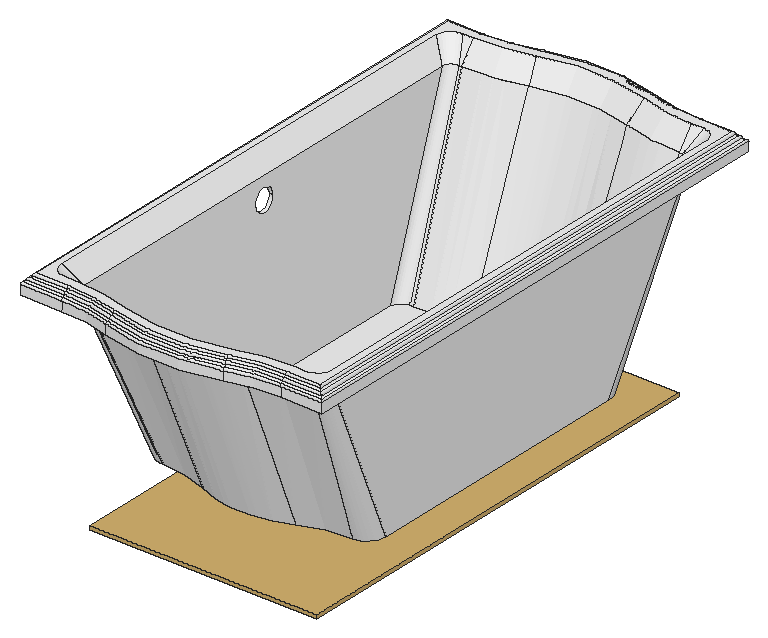
Revit family "bm-00147_abr781s", category Plumbing Fixtures, host Face, Revit 2016 (continued)
Definition of nested family "ABA781L"
  Automatic sketch dimensions
    curve 135 to plane 11 = 4"
    curve 135 to curve 151 = 0"
    curve 136 to curve 134 = 2.70866"
    curve 129 to plane 4 = 0.19769"
    curve 129 to plane 11 = 0.9566"
    curve 129 to curve 129 = 0.00817"
    curve 121 to curve 129 = 0"
    curve 130 to curve 129 = 0"
    curve 130 to curve 131 = 0.18151"
    curve 131 to curve 130 = 0.00817"  (x2)
    curve 131 to curve 130 = 0"
    curve 132 to curve 131 = 0"
    curve 133 to curve 134 = 0.19786"
    curve 133 to plane 11 = 0.18968"
    curve 132 to curve 133 = 0"
    curve 134 to curve 133 = 0"
    curve 127 to curve 124 = 0.59708"
    curve 128 to curve 127 = 0"
    plane 1 "Center (Front/Back)" to Blend 4 sketch curve = 0"  (x2)
    Blend 9 sketch curve to plane 3 "Center (Left/Right)" = 0"  (x4)
    plane 3 "Center (Left/Right)" to Blend 9 sketch curve = 4.77646"  (x2)
    Blend 9 sketch curve to Blend 9 sketch curve = 0"  (x4)
    Blend 9 sketch curve to Blend 9 sketch curve = 5.2752"  (x2)
    Blend 9 sketch curve to Blend 9 sketch curve = 0.39716"  (x4)
    Blend 9 sketch curve to Blend 9 sketch curve = 1.1811"  (x2)
    Blend 9 sketch curve to plane 15 = 2.71961"  (x2)
    Blend 9 sketch curve to plane 10 = 1.14564"
    Blend 9 sketch curve to plane 3 "Center (Left/Right)" = 10.05166"
    plane 15 to Blend 9 sketch curve = 2.5556"
    Blend 9 sketch curve to Blend 9 sketch curve = 11.26744"
    plane 1 "Center (Front/Back)" to Blend 9 sketch curve = 7.3887"
    Blend 9 sketch curve to Blend 9 sketch curve = 7.84731"
    plane 3 "Center (Left/Right)" to Blend 9 sketch curve = 5.21308"  (x2)
    Blend 9 sketch curve to plane 11 = 4.41732"  (x2)
    Blend 9 sketch curve to Blend 9 sketch curve = 0.3189"  (x4)
    Blend 9 sketch curve to Blend 9 sketch curve = 0.98425"  (x2)
    Blend 9 sketch curve to plane 15 = 2.28298"  (x2)
    plane 15 to Blend 9 sketch curve = 4.08661"  (x2)
    plane 10 to Blend 9 sketch curve = 16.24266"  (x2)
    Blend 9 sketch curve to plane 10 = 4.34835"
    Blend 9 sketch curve to plane 1 "Center (Front/Back)" = 8.83465"
    plane 1 "Center (Front/Back)" to Blend 9 sketch curve = 8.83465"
    Blend 9 sketch curve to plane 9 "Wall Closure" = 6.29528"
    Blend 9 sketch curve to Blend 9 sketch curve = 14.87402"
    Blend 9 sketch curve to Blend 9 sketch curve = 0.96268"
    curve 2 to curve 14 = 0"  (x2)
    curve 2 to curve 75 = 0"  (x2)
    curve 2 to curve 84 = 0"  (x2)
    curve 3 to curve 16 = 0"  (x2)
    curve 3 to curve 76 = 0"  (x2)
    curve 3 to curve 83 = 0"  (x2)
    curve 4 to curve 17 = 0"  (x2)
    curve 4 to curve 77 = 0"  (x2)
    curve 4 to curve 82 = 0"  (x2)
    curve 9 to curve 23 = 0"  (x2)
    curve 9 to curve 27 = 0"  (x2)
    curve 9 to curve 29 = 0"  (x2)
    curve 10 to curve 22 = 0"  (x2)
    curve 10 to curve 33 = 0"  (x2)
    curve 10 to curve 34 = 0"  (x2)
    curve 11 to curve 21 = 0"  (x2)
    curve 11 to curve 35 = 0"  (x2)
    curve 11 to curve 36 = 0"  (x2)
    curve 14 to curve 75 = 0"  (x2)
    curve 14 to curve 84 = 0"  (x2)
    curve 16 to curve 76 = 0"  (x2)
    curve 16 to curve 83 = 0"  (x2)
    curve 17 to curve 77 = 0"  (x2)
    curve 17 to curve 82 = 0"  (x2)
    curve 21 to curve 35 = 0"  (x2)
    curve 21 to curve 36 = 0"  (x2)
    curve 22 to curve 33 = 0"  (x2)
    curve 22 to curve 34 = 0"  (x2)
    curve 23 to curve 27 = 0"  (x2)
    curve 23 to curve 29 = 0"  (x2)
    curve 27 to curve 29 = 0"  (x2)
    curve 33 to curve 34 = 0"  (x2)
    curve 35 to curve 36 = 0"  (x2)
    curve 61 to curve 62 = 0"  (x2)
    curve 75 to curve 84 = 0"  (x2)
    curve 76 to curve 83 = 0"  (x2)
    curve 77 to curve 82 = 0"  (x2)
    curve 7 to plane 8 = 0"
    curve 6 to plane 11 = 0"
    curve 64 to plane 3 "Center (Left/Right)" = 0"
    curve 10 to plane 3 "Center (Left/Right)" = 0"
    curve 47 to plane 3 "Center (Left/Right)" = 0"
    plane 1 "Center (Front/Back)" to curve 113 = 0"
    plane 1 "Center (Front/Back)" to curve 114 = 0"
    plane 1 "Center (Front/Back)" to curve 62 = 0"
    plane 1 "Center (Front/Back)" to curve 58 = 0"
    curve 69 to plane 3 "Center (Left/Right)" = 0"
    curve 76 to plane 3 "Center (Left/Right)" = 0"
    curve 48 to plane 3 "Center (Left/Right)" = 0"
    curve 61 to plane 15 = 0"
    plane 1 "Center (Front/Back)" to curve 114 = 1.1886"
    curve 113 to curve 114 = 0"
    curve 58 to plane 15 = 0.55834"
    plane 1 "Center (Front/Back)" to curve 58 = 1.80826"
    curve 57 to curve 58 = 0"
    curve 57 to curve 57 = 0.721"
    curve 106 to plane 3 "Center (Left/Right)" = 0.04381"
    plane 1 "Center (Front/Back)" to curve 106 = 7.08683"
    curve 47 to curve 106 = 0.30187"
    plane 3 "Center (Left/Right)" to curve 101 = 0.06072"
    curve 101 to curve 47 = 0.78201"
    curve 33 to curve 101 = 0.66393"
    curve 64 to curve 10 = 1.01575"
    curve 49 to curve 64 = 2.67415"
    curve 51 to curve 64 = 2.67415"
    curve 48 to curve 50 = 0.94777"
    curve 49 to curve 49 = 0.94777"
    curve 50 to curve 48 = 0"
    curve 48 to curve 49 = 0"
    curve 54 to curve 51 = 2.71147"
    curve 45 to curve 49 = 2.71147"
    curve 53 to curve 54 = 1.1811"
    curve 45 to curve 45 = 1.1811"
    curve 47 to curve 49 = 4.11854"
    curve 52 to curve 50 = 4.11854"
    curve 47 to curve 52 = 0"
    curve 43 to curve 47 = 0"
    curve 30 to plane 8 = 3.11417"
    curve 30 to plane 9 "Wall Closure" = 6.29528"
    curve 42 to plane 11 = 3.11417"
    curve 42 to plane 9 "Wall Closure" = 6.29528"
    curve 30 to curve 30 = 0.98425"
    curve 38 to curve 39 = 0.98425"
    curve 40 to curve 38 = 0.0748"
    curve 25 to curve 30 = 0.0748"
    curve 35 to plane 9 "Wall Closure" = 4.34835"
    curve 33 to plane 15 = 2.28298"
    curve 33 to curve 28 = 0.96268"
    curve 25 to curve 25 = 1.5748"
    curve 37 to curve 35 = 1.64961"
    curve 27 to curve 33 = 1.57581"
    curve 36 to curve 33 = 1.57581"
    curve 21 to curve 36 = 0.96103"
    curve 15 to plane 8 = 0.94842"
    curve 15 to curve 25 = 0.96103"
    curve 110 to curve 19 = 0.1785"
    curve 108 to curve 24 = 0.19094"
    curve 99 to curve 108 = 0.37789"
    curve 102 to curve 104 = 0.39472"
    curve 106 to plane 15 = 0.07536"
    curve 106 to curve 27 = 0.7438"
    curve 105 to curve 34 = 0.74599"
    curve 22 to curve 34 = 0.92107"
    curve 8 to curve 99 = 0.3796"
    curve 116 to curve 103 = 0.3752"
    curve 101 to curve 106 = 0.52596"
    curve 102 to curve 101 = 0"
    curve 101 to curve 23 = 0.41882"
    curve 43 to plane 9 "Wall Closure" = 1.14564"
    curve 10 to curve 101 = 0.48717"
    plane 9 "Wall Closure" to curve 102 = 9.89777"
    curve 105 to curve 102 = 4.26909"
    plane 15 to curve 100 = 3.87156"
    plane 9 "Wall Closure" to curve 100 = 14.40222"
    curve 107 to curve 100 = 0.61905"
    curve 9 to curve 107 = 1.22139"
    curve 114 to curve 114 = 0"
    curve 59 to plane 15 = 0.55834"
    curve 59 to plane 1 "Center (Front/Back)" = 1.80826"
    curve 59 to curve 59 = 0.721"
    curve 96 to plane 3 "Center (Left/Right)" = 0.04781"
    curve 96 to plane 1 "Center (Front/Back)" = 7.09192"
    curve 96 to curve 69 = 0.29678"
    plane 3 "Center (Left/Right)" to curve 90 = 0.06345"
    curve 69 to curve 90 = 0.78524"
    curve 90 to curve 76 = 0.66071"
    curve 3 to curve 48 = 1.01575"
    curve 48 to curve 56 = 2.67415"
    curve 48 to curve 60 = 2.67415"
    curve 63 to curve 64 = 0.94777"
    curve 65 to curve 64 = 0.94777"
    curve 63 to curve 64 = 0"
    curve 63 to curve 55 = 2.71147"
    curve 56 to curve 66 = 2.71147"
    curve 71 to curve 72 = 1.1811"
    curve 66 to curve 67 = 1.1811"
    curve 63 to curve 70 = 4.11854"
    curve 69 to curve 70 = 0"
    curve 65 to curve 68 = 4.11854"
    curve 69 to curve 68 = 0"
    curve 73 to plane 10 = 6.29528"
    curve 42 to plane 10 = 6.29528"
    curve 73 to curve 74 = 0.98425"
    curve 79 to curve 79 = 0.98425"
    curve 78 to curve 80 = 0.0748"
    curve 32 to curve 31 = 1.05906"
    curve 76 to plane 10 = 4.34835"
    curve 76 to plane 15 = 2.28298"
    curve 74 to curve 76 = 0.96268"
    curve 86 to curve 86 = 1.5748"
    curve 80 to curve 81 = 1.5748"
    curve 76 to curve 83 = 1.57581"  (x2)
    curve 81 to curve 18 = 0.96103"
    curve 86 to curve 13 = 0.96103"
    curve 18 to curve 95 = 0.18718"
    curve 110 to curve 94 = 0"
    curve 13 to curve 111 = 0.19094"
    curve 13 to curve 98 = 0.20265"
    curve 98 to curve 89 = 0.36389"
    curve 112 to curve 88 = 0"
    curve 94 to curve 109 = 0.39386"
    curve 97 to plane 15 = 0.07325"
    curve 84 to curve 97 = 0.75492"
    curve 83 to curve 95 = 0.75492"
    curve 83 to curve 16 = 0.92107"
    curve 91 to curve 5 = 0.36739"
    curve 112 to curve 7 = 0.38188"
    curve 96 to curve 91 = 0.52416"
    curve 90 to plane 15 = 0.68451"
    curve 96 to curve 90 = 0.52416"
    curve 90 to curve 91 = 0"
    curve 68 to plane 10 = 1.14564"
    curve 89 to curve 2 = 0.54798"
    plane 3 "Center (Left/Right)" to curve 91 = 10.7907"
    curve 91 to curve 95 = 4.26955"
    plane 15 to curve 89 = 3.87206"
    curve 89 to curve 97 = 0.62996"
    curve 95 to curve 77 = 2.07146"
    curve 109 to plane 11 = 0.37917"
    curve 103 to curve 110 = 0.38207"
    curve 41 to plane 11 = 1.64173"
    curve 46 to curve 43 = 1.57826"
    curve 66 to curve 65 = 3.19685"
    curve 62 to plane 15 = 1"
    curve 72 to curve 71 = 0.39716"
    curve 107 to curve 24 = 0.24961"
    curve 97 to curve 13 = 0.24961"
    curve 114 to plane 8 = 3.26636"
    curve 114 to curve 114 = 0.00019"
    curve 114 to curve 113 = 0.00037"
    curve 30 to curve 25 = 0.88189"
    Extrusion 13 sketch curve to plane 8 = 0"
    Extrusion 13 sketch curve to plane 11 = 0"
    Extrusion 13 sketch curve to plane 3 "Center (Left/Right)" = 0"  (x2)
    Extrusion 13 sketch curve to plane 11 = 4.41732"  (x2)
    plane 9 "Wall Closure" to Extrusion 13 sketch curve = 16.24266"  (x2)
    plane 15 to Extrusion 13 sketch curve = 4.08661"  (x2)
    Extrusion 13 sketch curve to plane 9 "Wall Closure" = 0.94548"  (x2)
    Extrusion 13 sketch curve to plane 9 "Wall Closure" = 1.75197"
    plane 1 "Center (Front/Back)" to Extrusion 13 sketch curve = 8.83465"
    Extrusion 13 sketch curve to plane 1 "Center (Front/Back)" = 8.83465"
    Extrusion 13 sketch curve to plane 10 = 1.75197"  (x2)
    Extrusion 13 sketch curve to plane 10 = 0.94548"  (x2)
    plane 10 to Extrusion 13 sketch curve = 16.24266"
    curve 185 to curve 186 = 0"  (x2)
    curve 184 to plane 5 = 0"
    curve 184 to plane 9 "Wall Closure" = 0"
    curve 155 to plane 4 = 0"
    curve 155 to plane 9 "Wall Closure" = 0"
    curve 179 to plane 4 = 0"
    curve 178 to plane 5 = 0"
    curve 209 to plane 12 = 0"
    curve 212 to level = 0"
    curve 191 to plane 6 = 0"
    curve 192 to plane 7 = 0"
    curve 207 to level = 0"
    curve 208 to plane 12 = 0"
    curve 206 to level = 0"
    curve 200 to plane 12 = 0"
    curve 185 to plane 14 = 0"
    curve 186 to plane 1 "Center (Front/Back)" = 0"
    curve 201 to plane 12 = 0"
    curve 205 to level = 0"
    curve 202 to plane 12 = 0"
    curve 160 to plane 10 = 0"
    curve 172 to plane 5 = 0"
    curve 172 to plane 10 = 0"
    curve 182 to plane 9 "Wall Closure" = 0.18151"
    curve 182 to plane 9 "Wall Closure" = 0.18968"
    curve 183 to curve 182 = 0"
    curve 183 to plane 9 "Wall Closure" = 0.19786"
    curve 181 to curve 182 = 0"
    curve 180 to plane 4 = 0.19769"
    curve 182 to curve 180 = 0.18151"
    curve 180 to curve 180 = 0.00817"
    curve 181 to curve 180 = 0"
    curve 180 to curve 181 = 0.00817"
    curve 179 to curve 180 = 0"
    curve 179 to curve 179 = 0.18968"
    curve 160 to curve 178 = 1.75197"
    curve 178 to curve 176 = 0.18151"
    curve 176 to curve 176 = 0.00817"
    curve 177 to curve 176 = 0"
    curve 178 to curve 177 = 0.19786"
    curve 175 to curve 176 = 0"
    curve 174 to plane 4 = 0.19769"
    curve 176 to curve 174 = 0.18151"
    curve 174 to curve 175 = 0.00817"  (x2)
    curve 174 to curve 175 = 0"
    curve 173 to curve 174 = 0"
    curve 173 to curve 173 = 0.18968"
    curve 178 to curve 191 = 1.58334"
    curve 191 to curve 190 = 1.97571"
    curve 209 to plane 9 "Wall Closure" = 6.00394"
    curve 209 to curve 191 = 5.00787"
    curve 187 to curve 190 = 2.75856"
    curve 190 to curve 198 = 1.25533"
    curve 198 to curve 192 = 0.9625"
    curve 192 to curve 193 = 0.29839"
    curve 193 to curve 193 = 0.72672"
    curve 193 to curve 207 = 0.99064"
    curve 207 to curve 206 = 3 1/2"
    plane 1 "Center (Front/Back)" to curve 194 = 2.37268"
    curve 194 to curve 194 = 0.56508"
    plane 1 "Center (Front/Back)" to curve 185 = 1.18898"
    curve 195 to plane 1 "Center (Front/Back)" = 1.8076"
    curve 195 to curve 195 = 0.56508"
    curve 195 to curve 201 = 6.12732"
    curve 204 to curve 204 = 3 1/2"
    curve 202 to curve 196 = 0.99064"
    curve 196 to curve 196 = 0.72672"
    curve 196 to curve 192 = 0.29839"
    curve 192 to curve 197 = 0.9625"
    curve 197 to curve 189 = 1.25533"
    curve 189 to curve 188 = 2.75856"
    curve 211 to curve 156 = 6.00394"
    curve 189 to curve 172 = 5.31102"
    curve 189 to curve 188 = 1.97571"
    curve 161 to plane 4 = 0.19769"
    curve 188 to curve 161 = 0.62675"
    curve 161 to curve 161 = 0.00817"
    curve 162 to curve 161 = 0"
    curve 161 to curve 163 = 0.18151"
    curve 163 to curve 163 = 0.00817"
    curve 162 to curve 163 = 0"
    curve 163 to curve 162 = 0.00817"
    curve 164 to curve 163 = 0"
    curve 164 to curve 165 = 0.18151"
    curve 165 to curve 165 = 0.00817"
    curve 164 to curve 165 = 0"
    curve 163 to curve 164 = 0.19786"
    curve 167 to plane 4 = 0.19769"
    curve 167 to plane 10 = 0.9566"
    curve 167 to curve 159 = 0.00817"
    curve 168 to curve 167 = 0"
    curve 168 to curve 169 = 0.18151"
    curve 169 to curve 168 = 0.00817"  (x2)
    curve 169 to curve 168 = 0"
    curve 170 to curve 169 = 0"
    curve 171 to curve 172 = 0.19786"
    curve 170 to plane 10 = 0.18968"
    curve 171 to curve 170 = 0"
    curve 172 to curve 171 = 0"
    curve 184 to curve 183 = 0"
